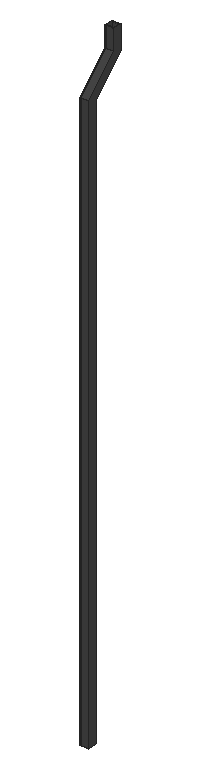
Revit family
Parameters (values of type "75mm Square")
  RWP Width = 75 mm
  RWP Wall Thickness = 3 mm
  RWP Depth = 75 mm
  Offset Top = 350 mm
  Offset Base = 75 mm
  Material RWP = Plastic - Black
  Height of RWP [instance] = 5600 mm
  Head Splayed Depth = Offset Top - Offset Base  # 275 mm
  Head Depth = 200 mm
Types (6, lengths in mm): name | RWP Width | RWP Depth
  (no name) | 75 | 75
  75mm Square | 75 | 75
  100mm Square | 100 | 100
  125mm Square | 125 | 125
  150mm Square | 150 | 150
  75 x 125mm Rectangular | 75 | 125
Reference planes
  plane 1 "Center (Front/Back)": y = 0
  plane 2: z = 0
  plane 3 "Center (Left/Right)": x = 0
  plane 4: y = 75
  plane 5: z = 5600
  plane 6: z = 5400
  plane 7: z = 5125
  plane 8: y = 350
Forms (mm)
  Sweep 1, solid, material "Plastic - Black" <- "Material RWP"
    path origin (0, 0, 0) x (0, 1, 0) y (0, 0, 1)
      loop
        line (75, 0) -> (75, 5125) -> (350, 5400) -> (350, 5600)
    profile origin (0, 75, 2562.5) x (0, -1, 0) y (1, 0, 0)
      loop
        line (37.5, -37.5) -> (37.5, 37.5) -> (-37.5, 37.5) -> (-37.5, -37.5) -> (37.5, -37.5)
      loop
        line (34.5, -34.5) -> (34.5, 34.5) -> (-34.5, 34.5) -> (-34.5, -34.5) -> (34.5, -34.5)
Dimensions and locks
  "Offset Base": plane 4 to plane 1 "Center (Front/Back)"
  "Offset Top": plane 8 to plane 1 "Center (Front/Back)"
  "Head Depth": plane 6 to plane 5
  "Head Splayed Depth": plane 6 to plane 7
  "Height of RWP": level to plane 5
  equal spacing: Sweep 1 sketch curve, plane 4, Sweep 1 sketch curve
  "RWP Depth": Sweep 1 sketch curve to Sweep 1 sketch curve
  equal spacing: Sweep 1 sketch curve, plane 3 "Center (Left/Right)", Sweep 1 sketch curve
  "RWP Width": Sweep 1 sketch curve to Sweep 1 sketch curve
  "RWP Wall Thickness": Sweep 1 sketch curve to Sweep 1 sketch curve  (x4)
Automatic sketch dimensions
  Sweep 1 sketch curve to plane 4 = 0 mm
  Sweep 1 sketch curve to plane 6 = 0 mm
  Sweep 1 sketch curve to plane 8 = 0 mm
  Sweep 1 sketch curve to level = 0 mm
  Sweep 1 sketch curve to plane 7 = 0 mm
  Sweep 1 sketch curve to plane 5 = 0 mm
